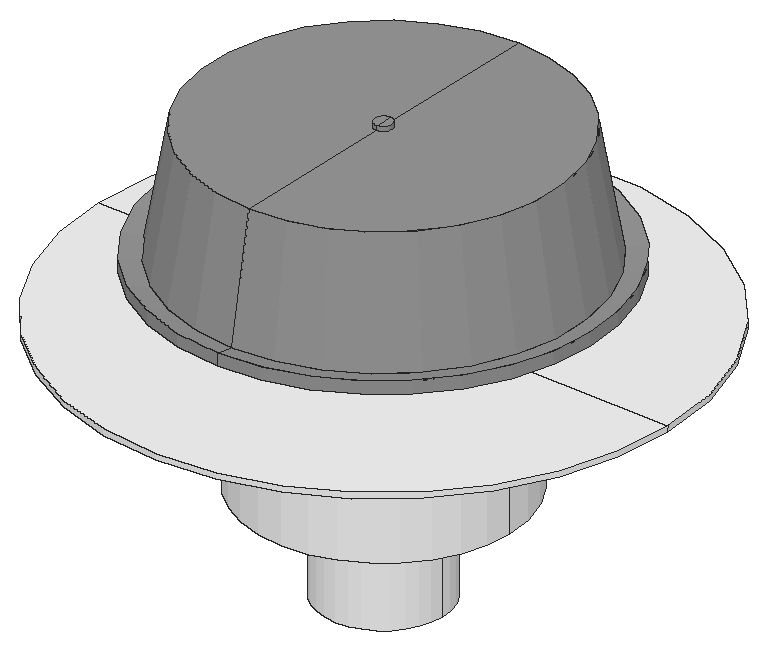
Revit family "HL_RU_Roof drain_HL62PSafe-B-221103", category Instalační zařizovací předměty, Revit 2021
Family settings
  Kóta kulaté spojky = Použít průměr
  Typ dílu = Normální
  Číslo OmniClass = 23.70.50.21.24.14
  Nadpis OmniClass = Deck Waste Water Drains
  Založené na pracovní rovině = Ne
  Vždy vertikální = Ano
  Ořezat dutým tvarem při načtení = Ne
  Sdílené = Ne
  Bod výpočtu místnosti = Ano
Parameters
  РЕШЁТКА = "Laubfangkorb d 262 mm"
  РАЗМЕР = "DN75"
  ПРОПУСКНАЯ СПОСОБНОСТЬ [instance] = 0.0 L/s
  ПРОИЗВОДИТЕЛЬНОСТЬ = "l/s"
  ПРАВОВАЯ ИНФОРМАЦИЯ = "Авторские права(©), права на дизайн или какие либо другие права интелектуальной собственности являются исключительной собственностью компании HL Hutterer & Lechner. Изменению не подлежит. Файл семейства с данными о прозводителе изделия защищен паролем с водяным знаком."
  НОМИНАЛЬНЫЙ ДИАМЕТР = 75 mm
  МАТЕРИАЛ = "PP/PVC"
  ВЫСОТА МОНТАЖА = "100mm"
  ВЕС = "2,834 [kg]"
  Výchozí výška = 0 mm
  Výrobce = "HL Hutterer & Lechner GmbH"  # constant formula
  URL = "http://www.hutterer-lechner.com/ru/products/catalog/roof-drains/HL62PSafe/7.aspx"
  Материал плитка [instance] = none
  Přípoj ventilace = no
  Přípoj odpadních dílů = yes
  Přípoj HW = no
  Přípoj CW = no
  Popis = "Кровельные воронки"
  Model = "HL62PSafe_7"
  Assembly Code = " "
  Type Comments = "HL62PSafe/7, Воронка для аварийного водостока DN75 с корпусом из ПВХ, с возможностью регулировки толщины слоя воды"
  Keynote = "HL62PSafe_7"
  EAN = "9003076040391"
  Bысота монтажа [instance] = 28 mm  # constant formula
  G [instance] = 180.00°  # constant formula
  D [instance] = if(НОМИНАЛЬНЫЙ ДИАМЕТР = 75 mm, 58 mm, 60 mm) + Bысота монтажа  # 86 mm
  C [instance] = if(Bысота монтажа - 68 mm < 0 mm, 0 mm, Bысота монтажа - 68 mm)  # 0 mm
  B [instance] = 100 mm  # constant formula
  A [instance] = if(B - 100 mm > 15 mm, B - 100 mm, 15 mm)  # 15 mm
Types (5, lengths in mm): name | РАЗМЕР | НОМИНАЛЬНЫЙ ДИАМЕТР | ВЕС | URL | Model | Type Comments | Keynote | EAN | D
  (no name) | "DN75" | 75 | "2,834 [kg]" | "http://www.hutterer-lechner.com/ru/products/catalog/roof-drains/HL62PSafe/7.aspx" | "HL62PSafe_7" | "HL62PSafe/7, Воронка для аварийного водостока DN75 с корпусом из ПВХ, с возможностью регулировки толщины слоя воды" | "HL62PSafe_7" | "9003076040391" | 86
  HL_Кровельная воронка_HL62PSafe_1 | "DN110" | 110 | "2,874 [kg]" | "http://www.hutterer-lechner.com/ru/products/catalog/roof-drains/HL62PSafe/1.aspx" | "HL62PSafe_1" | "HL62PSafe/1, Воронка для аварийного водостока DN110 с корпусом из ПВХ, с возможностью регулировки толщины слоя воды" | "HL62PSafe_1" | "9003076040360" | 88
  HL_Кровельная воронка_HL62PSafe_2 | "DN125" | 125 | "2,814 [kg]" | "http://www.hutterer-lechner.com/ru/products/catalog/roof-drains/HL62PSafe/2.aspx" | "HL62PSafe_2" | "HL62PSafe/2, Воронка для аварийного водостока DN125 с корпусом из ПВХ, с возможностью регулировки толщины слоя воды" | "HL62PSafe_2" | "9003076040377" | 88
  HL_Кровельная воронка_HL62PSafe_5 | "DN160" | 160 | "2,894 [kg]" | "http://www.hutterer-lechner.com/ru/products/catalog/roof-drains/HL62PSafe/5.aspx" | "HL62PSafe_5" | "HL62PSafe/5, Воронка для аварийного водостока DN160 с корпусом из ПВХ, с возможностью регулировки толщины слоя воды" | "HL62PSafe_5" | "9003076040384" | 88
  HL_Кровельная воронка_HL62PSafe_7 | "DN75" | 75 | "2,834 [kg]" | "http://www.hutterer-lechner.com/ru/products/catalog/roof-drains/HL62PSafe/7.aspx" | "HL62PSafe_7" | "HL62PSafe/7, Воронка для аварийного водостока DN75 с корпусом из ПВХ, с возможностью регулировки толщины слоя воды" | "HL62PSafe_7" | "9003076040391" | 86
Reference planes
  plane 1 "Center (Front/Back)": y = 0
  plane 2: z = 0
  plane 3 "Center (Left/Right)": x = 0
  plane 4: z = -100
  plane 5: z = -28
Lines and regions (mm)
  model lines, style "InvisibleLines"
    curve 1: line (0, 0, 0) -> (0, 0, 20)
  model lines, style "PlumbingFixtures", detail levels coarse+medium
    curve 2: line (0, 0, -100) -> (0, 0, -85)
    curve 3: line (0, 0, -85) -> (-85, 0, 0)
    curve 4: line (0, 0, -85) -> (85, 0, 0)
    curve 6: line (0, 0, -100) -> (0, 0, -186)
  reference lines, not visible
    curve 5: line (0, 0, -100) -> (0, 0, -186)
  symbolic lines, style "PlumbingFixtures", detail levels coarse+medium
    curve 7: line (-75, 75, 0) -> (75, 75, 0)
    curve 8: line (-75, -75, 0) -> (-75, 75, 0)
    curve 9: line (75, -75, 0) -> (-75, -75, 0)
    curve 10: line (75, 75, 0) -> (75, -75, 0)
    curve 11: line (-75, 75, 0) -> (-145.711, 145.711, 0)
    curve 12: line (75, 75, 0) -> (145.711, 145.711, 0)
    curve 13: line (-75, -75, 0) -> (-145.711, -145.711, 0)
    curve 14: line (75, -75, 0) -> (145.711, -145.711, 0)
  symbolic lines, style "PlumbingFixtures", not visible, detail levels coarse+medium
    curve 15: line (-75, 75, 0) -> (75, 75, 0)
    curve 16: line (-75, -75, 0) -> (-75, 75, 0)
    curve 17: line (75, -75, 0) -> (-75, -75, 0)
    curve 18: line (75, 75, 0) -> (75, -75, 0)
    curve 19: line (-75, 75, 0) -> (-145.711, 145.711, 0)
    curve 20: line (75, 75, 0) -> (145.711, 145.711, 0)
    curve 21: line (-75, -75, 0) -> (-145.711, -145.711, 0)
    curve 22: line (75, -75, 0) -> (145.711, -145.711, 0)
Text (mm)
  text "FLOOR" at (-162.344, 0, -10.979), in view "Drain Construction View"
Dimensions and locks
  "B": plane 2 to plane 4
  "Bысота монтажа": plane 2 to plane 5
  "A": curve 4 to plane 4
  "D": curve 5 to curve 5
  "D": curve 6 to curve 6
  locked: curve 4 to plane 3 "Center (Left/Right)" (angle 45.00°)
  locked: plane 3 "Center (Left/Right)" to curve 3 (angle 45.00°)
  "G": angle curve 5 to plane 3 "Center (Left/Right)"
  aligned and locked: level to plane 2
  aligned and locked: plane 2 to curve 4
  aligned and locked: plane 2 to curve 3
  aligned and locked: plane 4 to curve 5
  aligned and locked: plane 3 "Center (Left/Right)" to curve 5
  aligned and locked: plane 4 to curve 2
  aligned and locked: curve 6 to plane 3 "Center (Left/Right)"
  aligned and locked: curve 6 to plane 4
  aligned and locked: nested 1 to plane 5
  aligned and locked: plane 3 "Center (Left/Right)" to nested 1
  aligned and locked: nested 2 to plane 2
  aligned and locked: plane 3 "Center (Left/Right)" to nested 2
Automatic sketch dimensions
  curve 2 to plane 3 "Center (Left/Right)" = 0 mm
  curve 1 to plane 3 "Center (Left/Right)" = 0 mm
  curve 1 to level = 0 mm
  level to curve 1 = 20 mm
Nested families
  nested 1: "HL_кровельные воронки - корпус_HL62P" at (0, 0, -28), НОМИНАЛЬНЫЙ ДИАМЕТР <- "НОМИНАЛЬНЫЙ ДИАМЕТР", type "HL_кровельные воронки - корпус_HL62P"
    with НОМИНАЛЬНЫЙ ДИАМЕТР 75 mm, L 62 mm
  nested 2: "HL_Вспомогательные материалы-Противопожарная защита_HL062.1Safe" at (0, 0, 0), Bысота монтажа <- "Bысота монтажа", type "HL_Вспомогательные материалы-Противопожарная защита_HL062.1Safe"
    with Пропускная способность 0.0 L/s, L 58 mm, IHmin 28 mm, IHmax 68 mm, Bысота монтажа 28 mm
Connectors
  piping at (0, 0, -186), diameter 75, driven by "ПРОПУСКНАЯ СПОСОБНОСТЬ", driven by "НОМИНАЛЬНЫЙ ДИАМЕТР"
    settings: on curve 5, index 1, connector inside diameter 609.6 mm, connector length 0 mm, flow factor 0, pipe flow 0.0 L/s, pressure drop 0.0 Pa, fitting loss kfactor 0, connector angle 0.00°, fixture units 0, engagement length 0 mm, angle of deflection 0.00°, flow configuration 1, flow direction 2, fitting loss method 0, system type 16, joint type 0, gender type 0, connector reference index -1, connector utility 0, adjustable connector yes, is connector primary yes, connector description ""
Definition of nested family "HL_кровельные воронки - корпус_HL62P"
  Parameters (values of type "HL_кровельные воронки - корпус_HL62P")
    НОМИНАЛЬНЫЙ ДИАМЕТР [instance] = 110 mm
    Default Elevation = 0 mm
    Manufacturer = ""
    URL = ""
    Description = ""
    Model = ""
    L [instance] = if(НОМИНАЛЬНЫЙ ДИАМЕТР = 75 mm, 62 mm, 64 mm)  # 64 mm
    Type Comments = ""
    Cost = 0
  Reference planes
    plane 1 "Střed (vpředu/vzadu)": y = 0
    plane 2: z = 0
    plane 3 "Střed (vlevo/vpravo)": x = 0
    plane 4: z = -96
  Forms (mm)
    Revolve 1, solid, detail levels fine
      sketch origin (0, 0, 0) x (1, 0, 0) y (0, 0, 1)
        loop
          line (-180, -3.5) -> (-82.249, -3.5) -> (-82.249, -17.614) -> (-80.086, -21.361) -> (-80.086, -96) -> (0, -96) -> (0, -32.798) -> (-64.677, -32.798) -> (-66.635, -30.2) -> (-74.72, -30.2) -> (-74.72, -23.557) -> (-78.967, -16.49) -> (-78.967, 0) -> (-180, 0) -> (-180, -3.5)
        axis (0, 0) -> (0, -96)
      angle from 0 to 360
    Extrusion 2, solid, detail levels fine
      sketch origin (-80.086, -1524, -96) x (-1, 0, 0) y (0, -1, 0)
        loop
          circle (-80.086, -1524) r 55
      from 0 to -64
  Dimensions and locks
    "L": plane 4 to Extrusion 2
    "НОМИНАЛЬНЫЙ ДИАМЕТР": diameter of Extrusion 2 sketch curve
    aligned and locked: level to plane 2
  Automatic sketch dimensions
    Revolve 1 sketch curve to level = 0 mm
    Revolve 1 sketch curve to plane 3 "Střed (vlevo/vpravo)" = 0 mm  (x2)
    Revolve 1 sketch curve to plane 3 "Střed (vlevo/vpravo)" = 64.677 mm
    Revolve 1 sketch curve to level = 30.2 mm
    Revolve 1 sketch curve to Revolve 1 sketch curve = 1.958 mm
    Revolve 1 sketch curve to level = 23.557 mm
    Revolve 1 sketch curve to Revolve 1 sketch curve = 8.085 mm
    Revolve 1 sketch curve to Revolve 1 sketch curve = 4.247 mm
    Revolve 1 sketch curve to Revolve 1 sketch curve = 1.12 mm
    Revolve 1 sketch curve to Revolve 1 sketch curve = 3.283 mm
    Revolve 1 sketch curve to level = 3.5 mm
    Revolve 1 sketch curve to Revolve 1 sketch curve = 97.751 mm
    Revolve 1 sketch curve to Revolve 1 sketch curve = 2.599 mm
    Revolve 1 sketch curve to Revolve 1 sketch curve = 63.201 mm
    Revolve 1 sketch curve to Revolve 1 sketch curve = 2.197 mm
    Revolve 1 sketch curve to Revolve 1 sketch curve = 3.747 mm
    Revolve 1 sketch curve to Revolve 1 sketch curve = 1.124 mm
    level to Revolve 1 sketch curve = 45 mm
    Revolve 1 sketch curve to Revolve 1 sketch curve = 80 mm
    plane 1 "Střed (vpředu/vzadu)" to Extrusion 2 sketch curve = 0 mm
    Extrusion 2 sketch curve to plane 3 "Střed (vlevo/vpravo)" = 0 mm
Definition of nested family "HL_Вспомогательные материалы-Противопожарная защита_HL062.1Safe"
  Parameters (values of type "HL_Вспомогательные материалы-Противопожарная защита_HL062.1Safe")
    РЕШЁТКА = "Laubfangkorb d 262 mm"
    ПРАВОВАЯ ИНФОРМАЦИЯ = "Авторские права(©), права на дизайн или какие либо другие права интелектуальной собственности являются исключительной собственностью компании HL Hutterer & Lechner. Изменению не подлежит. Файл семейства с данными о прозводителе изделия защищен паролем с водяным знаком."
    МАТЕРИАЛ = "PP"
    ВЕС = "1,25 [kg]"
    Default Elevation = 0 mm
    Manufacturer = "HL Hutterer & Lechner GmbH"
    URL = "http://www.hutterer-lechner.com/ru/products/catalog/roof-drains/HL062.1Safe.aspx"
    Материал плитка = none
    Description = "Кровельные воронки"
    Model = "HL062.1Safe"
    L [instance] = if(Bысота монтажа < IHmin, -100 mm, if(Bысота монтажа > IHmax, -100 mm, Bысота монтажа + 30 mm))  # 58 mm
    Type Comments = "HL062.1Safe, Вставка в воронку для аварийного водоотведения"
    Keynote = "HL062.1Safe"
    Bысота монтажа [instance] = 28 mm
    IHmin [instance] = 28 mm
    IHmax [instance] = 68 mm
    Пропускная способность [instance] = 0.0 L/s
    EAN = "9003076040605"
    Cost = 0
  Reference planes
    plane 1 "Střed (vpředu/vzadu)": y = 0
    plane 2: z = 0
    plane 3 "Střed (vlevo/vpravo)": x = 0
  Forms (mm)
    Revolve 1, solid, detail levels fine
      sketch origin (0, 0, 0) x (0, 1, 0) y (0, 0, 1)
        loop
          line (0, 81.1) -> (-5.25, 81.1) -> (-5.25, 78.5) -> (-106.614, 78.5) -> (-119.486, 5.5) -> (-101.611, 5.5) -> (-90.568, 68.124) -> (0, 68.124) -> (0, 81.1)
        axis (0, 81.1) -> (0, 5.5)
      angle from 0 to 360
    Extrusion 2, solid, detail levels fine
      sketch origin (0, 0, 68.124) x (-1, 0, 0) y (0, 1, 0)
        loop
          circle (-50, 0) r 11.945
      from 0 to 82.224
    Extrusion 3, solid, detail levels fine
      sketch origin (-100, 0, 68.124) x (-1, 0, 0) y (0, 1, 0)
        loop
          circle (-50, 0) r 11.945
      from 0 to 82.224
    Revolve 4, solid, detail levels fine
      sketch origin (0, 0, 0) x (0, 1, 0) y (0, 0, 1)
        loop
          line (-130.983, 7.735) -> (-130.983, 0) -> (-69.061, 0) -> (-64.445, -4.616) -> (-64.445, -65.123) -> (-63.068, -66.5) -> (-58.068, -66.5) -> (-58.068, -4.58) -> (-68.148, 5.5) -> (-119.486, 5.5) -> (-130.983, 7.735)
        axis (0, 7.735) -> (0, -66.5)
      angle from 0 to 360
    Revolve 5, solid, detail levels fine
      sketch origin (0, 69.895, -58) x (0, -1, 0) y (0, 0, -1)
        loop
          line (149.29, -29.5) -> (149.29, -9.5) -> (139.79, 0) -> (134.34, 0) -> (134.34, -44) -> (138.069, -44) -> (138.069, -29.5) -> (149.29, -29.5)
        axis (69.895, -44) -> (69.895, 0)
      angle from 0 to 360
  Lines and regions (mm)
    reference lines
      curve 1: line (0, 69.895, -58) -> (0, -190.105, -58)
  Dimensions and locks
    "L": curve 1 to plane 2
    aligned and locked: level to plane 2
  Automatic sketch dimensions
    Revolve 1 sketch curve to plane 1 "Střed (vpředu/vzadu)" = 0 mm  (x2)
    plane 1 "Střed (vpředu/vzadu)" to Revolve 1 sketch curve = 5.25 mm
    Revolve 1 sketch curve to Revolve 1 sketch curve = 85.318 mm
    level to Revolve 1 sketch curve = 5.5 mm
    Revolve 1 sketch curve to Revolve 1 sketch curve = 11.042 mm
    Revolve 1 sketch curve to Revolve 1 sketch curve = 16.046 mm
    Revolve 1 sketch curve to Revolve 1 sketch curve = 17.876 mm
    Revolve 1 sketch curve to Revolve 1 sketch curve = 62.624 mm
    Revolve 1 sketch curve to Revolve 1 sketch curve = 10.376 mm
    Revolve 1 sketch curve to Revolve 1 sketch curve = 2.6 mm
    Revolve 1 sketch curve to Revolve 1 sketch curve = 40 mm
    Revolve 1 sketch curve to Revolve 1 sketch curve = 25 mm
    Extrusion 2 sketch curve to Revolve 1 = 50 mm
    Revolve 1 to Extrusion 3 sketch curve = 50 mm
    level to Revolve 4 sketch curve = 0 mm
    Revolve 4 sketch curve to plane 1 "Střed (vpředu/vzadu)" = 0 mm
    plane 1 "Střed (vpředu/vzadu)" to Revolve 4 sketch curve = 58.068 mm
    Revolve 4 sketch curve to Revolve 4 sketch curve = 5 mm
    Revolve 4 sketch curve to Revolve 4 sketch curve = 1.377 mm  (x2)
    Revolve 4 sketch curve to Revolve 4 sketch curve = 3.703 mm
    Revolve 4 sketch curve to Revolve 4 sketch curve = 0.913 mm
    level to Revolve 4 sketch curve = 5.5 mm
    Revolve 4 sketch curve to Revolve 4 sketch curve = 50.425 mm
    Revolve 4 sketch curve to Revolve 4 sketch curve = 11.497 mm
    Revolve 4 sketch curve to level = 4.58 mm
    Revolve 4 sketch curve to level = 4.616 mm
    Revolve 4 sketch curve to Revolve 4 sketch curve = 60.507 mm
    level to Revolve 4 sketch curve = 7.735 mm
    Revolve 4 sketch curve to Revolve 4 sketch curve = 10 mm
    Revolve 4 sketch curve to Revolve 4 sketch curve = 35 mm
    Revolve 5 sketch curve to curve 1 = 0 mm
    curve 1 to Revolve 5 sketch curve = 44 mm
    Revolve 5 sketch curve to curve 1 = 125.66 mm
    Revolve 5 sketch curve to Revolve 5 sketch curve = 3.729 mm
    Revolve 5 sketch curve to Revolve 5 sketch curve = 5.45 mm
    Revolve 5 sketch curve to Revolve 5 sketch curve = 11.221 mm
    Revolve 5 sketch curve to Revolve 5 sketch curve = 14.5 mm
    curve 1 to Revolve 5 sketch curve = 9.5 mm
    curve 1 to Revolve 5 sketch curve = 69.895 mm
    Revolve 5 sketch curve to curve 1 = 15 mm
    Revolve 5 sketch curve to Revolve 5 sketch curve = 40 mm
    plane 1 "Střed (vpředu/vzadu)" to curve 1 = 190.105 mm
    curve 1 to plane 1 "Střed (vpředu/vzadu)" = 69.895 mm
    radius of Extrusion 2 sketch curve = 11.945 mm
    radius of Extrusion 3 sketch curve = 11.945 mm
